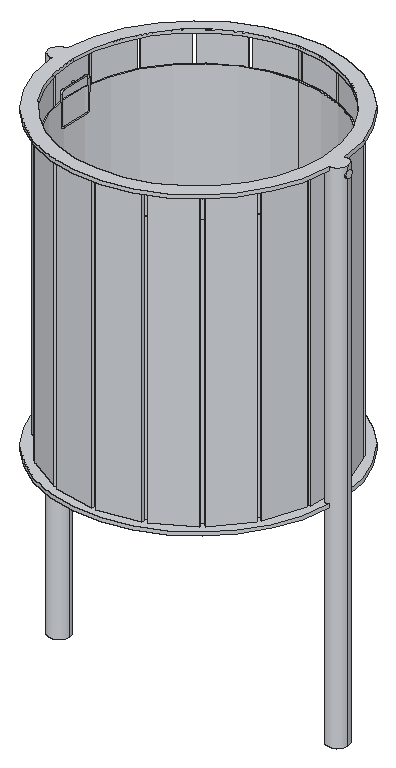
Revit family "Урна уличная круглая «Палермо натур»", category Антураж, Revit 2017
Family settings
  На основе рабочей плоскости = Нет
  Всегда вертикально = Да
  При загрузке вырезать с полостями = Нет
  Источник визуального образа = Геометрия семейства
  Общий = Нет
  Точка расчета площади = Нет
Parameters (values of type "Урна уличная круглая «Палермо натур»")
  Стоимость = 18360
  Изготовитель = "ООО \"Хоббика\""
  Высота = 0 mm
  URL = "https://hobbyka.ru/product/urna_ulichnaya_kruglaya_palermo_natur/"
  ADSK_Размер_Ширина = 440 mm
  ADSK_Размер_Глубина = 400 mm
  ADSK_Размер_Высота = 765 mm
  ADSK_Объем = 40.00 m³
  ADSK_Наименование = "Урна уличная круглая «Палермо натур»"
  ADSK_Материал урны = none
  ADSK_Материал ламелей = none
  ADSK_Материал ведра = none
  ADSK_Код изделия = "9678"
  ADSK_Вес = 20.00 kg  # constant formula
Reference planes
  plane 1 "По центру (Вперед/Назад)": y = 0
  plane 2: z = 0
  plane 3 "По центру (Влево/Вправо)": x = 0
  plane 4: z = 315
  plane 5: z = 320
  plane 6: z = 760
  plane 7: z = 765
  plane 8 "Слева": x = -219.825
  plane 9 "Справа": x = 219.825
Forms (mm)
  Extrusion 1, solid, material <- "ADSK_Материал урны"
    sketch origin (0, 0, 0) x (1, 0, 0) y (0, 1, 0)
      loop
        circle (0, 0) r 204.991
    from 315 to 320
  Extrusion 2, solid, material <- "ADSK_Материал урны"
    sketch origin (0, 0, 445) x (1, 0, 0) y (0, 1, 0)
      loop
        circle (0, 0) r 204.991
      loop
        circle (0, 0) r 184.991
    from 315 to 320
  Extrusion 3, solid, material <- "ADSK_Материал урны"
    sketch origin (0, 0, 0) x (1, 0, 0) y (0, 1, 0)
      loop
        circle (-204.815, 0) r 15
      loop
        circle (204.991, 0) r 15
    from 0 to 765
  Revolve 4, solid, material <- "ADSK_Материал ведра"
    sketch origin (0, 0, 0) x (0, 1, 0) y (0, 0, 1)
      loop
        line (185, 720) -> (183.63, 720) -> (183.63, 321.648) -> (0, 321.648) -> (0, 320) -> (185, 320) -> (185, 720)
      axis (0, 720) -> (0, 320)
    angle from 0 to 360
  Extrusion 5, solid, material <- "ADSK_Материал ламелей"
    sketch origin (0, 0, 0) x (1, 0, 0) y (0, 1, 0)
      loop
        line (2.72, -188.716) -> (3.45, -192.649) -> (62.443, -181.699) -> (61.713, -177.766) -> (2.72, -188.716)
    from 320 to 760
  Extrusion 6, solid, material <- "ADSK_Материал ламелей"
    sketch origin (0, 0, 0) x (0.939713, -0.341965, 0) y (0.341965, 0.939713, 0)
      loop
        line (2.72, -188.716) -> (3.45, -192.649) -> (62.443, -181.699) -> (61.713, -177.766) -> (2.72, -188.716)
    from 320 to 760
  Extrusion 7, solid, material <- "ADSK_Материал ламелей"
    sketch origin (0, 0, 0) x (0.76612, -0.642698, 0) y (0.642698, 0.76612, 0)
      loop
        line (2.72, -188.716) -> (3.45, -192.649) -> (62.443, -181.699) -> (61.713, -177.766) -> (2.72, -188.716)
    from 320 to 760
  Extrusion 8, solid, material <- "ADSK_Материал ламелей"
    sketch origin (0, 0, 0) x (0.500152, -0.865938, 0) y (0.865938, 0.500152, 0)
      loop
        line (2.72, -188.716) -> (3.45, -192.649) -> (62.443, -181.699) -> (61.713, -177.766) -> (2.72, -188.716)
    from 320 to 760
  Extrusion 9, solid, material <- "ADSK_Материал ламелей"
    sketch origin (0, 0, 0) x (0.173878, -0.984767, 0) y (0.984767, 0.173878, 0)
      loop
        line (2.72, -188.716) -> (3.45, -192.649) -> (62.443, -181.699) -> (61.713, -177.766) -> (2.72, -188.716)
    from 320 to 760
  Extrusion 10, solid, material <- "ADSK_Материал ламелей"
    sketch origin (0, 0, 0) x (-0.17336, -0.984858, 0) y (0.984858, -0.17336, 0)
      loop
        line (2.72, -188.716) -> (3.45, -192.649) -> (62.443, -181.699) -> (61.713, -177.766) -> (2.72, -188.716)
    from 320 to 760
  Extrusion 11, solid, material <- "ADSK_Материал ламелей"
    sketch origin (0, 0, 0) x (-0.499696, -0.866201, 0) y (0.866201, -0.499696, 0)
      loop
        line (2.72, -188.716) -> (3.45, -192.649) -> (62.443, -181.699) -> (61.713, -177.766) -> (2.72, -188.716)
    from 320 to 760
  Extrusion 12, solid, material <- "ADSK_Материал ламелей"
    sketch origin (0, 0, 0) x (-0.765781, -0.643101, 0) y (0.643101, -0.765781, 0)
      loop
        line (2.72, -188.716) -> (3.45, -192.649) -> (62.443, -181.699) -> (61.713, -177.766) -> (2.72, -188.716)
    from 320 to 760
  Extrusion 13, solid, material <- "ADSK_Материал ламелей"
    sketch origin (0, 0, 0) x (-0.939533, -0.34246, 0) y (0.34246, -0.939533, 0)
      loop
        line (2.72, -188.716) -> (3.45, -192.649) -> (62.443, -181.699) -> (61.713, -177.766) -> (2.72, -188.716)
    from 320 to 760
  Extrusion 14, solid, material <- "ADSK_Материал ламелей"
    sketch origin (0, 0, 0) x (-1, -0.000526, 0) y (0.000526, -1, 0)
      loop
        line (2.72, -188.716) -> (3.45, -192.649) -> (62.443, -181.699) -> (61.713, -177.766) -> (2.72, -188.716)
    from 320 to 760
  Extrusion 15, solid, material <- "ADSK_Материал ламелей"
    sketch origin (0, 0, 0) x (-0.939892, 0.341471, 0) y (-0.341471, -0.939892, 0)
      loop
        line (2.72, -188.716) -> (3.45, -192.649) -> (62.443, -181.699) -> (61.713, -177.766) -> (2.72, -188.716)
    from 320 to 760
  Extrusion 16, solid, material <- "ADSK_Материал ламелей"
    sketch origin (0, 0, 0) x (-0.766458, 0.642295, 0) y (-0.642295, -0.766458, 0)
      loop
        line (2.72, -188.716) -> (3.45, -192.649) -> (62.443, -181.699) -> (61.713, -177.766) -> (2.72, -188.716)
    from 320 to 760
  Extrusion 17, solid, material <- "ADSK_Материал ламелей"
    sketch origin (0, 0, 0) x (-0.500608, 0.865674, 0) y (-0.865674, -0.500608, 0)
      loop
        line (2.72, -188.716) -> (3.45, -192.649) -> (62.443, -181.699) -> (61.713, -177.766) -> (2.72, -188.716)
    from 320 to 760
  Extrusion 18, solid, material <- "ADSK_Материал ламелей"
    sketch origin (0, 0, 0) x (-0.174397, 0.984675, 0) y (-0.984675, -0.174397, 0)
      loop
        line (2.72, -188.716) -> (3.45, -192.649) -> (62.443, -181.699) -> (61.713, -177.766) -> (2.72, -188.716)
    from 320 to 760
  Extrusion 19, solid, material <- "ADSK_Материал ламелей"
    sketch origin (0, 0, 0) x (0.172842, 0.98495, 0) y (-0.98495, 0.172842, 0)
      loop
        line (2.72, -188.716) -> (3.45, -192.649) -> (62.443, -181.699) -> (61.713, -177.766) -> (2.72, -188.716)
    from 320 to 760
  Extrusion 20, solid, material <- "ADSK_Материал ламелей"
    sketch origin (0, 0, 0) x (0.49924, 0.866464, 0) y (-0.866464, 0.49924, 0)
      loop
        line (2.72, -188.716) -> (3.45, -192.649) -> (62.443, -181.699) -> (61.713, -177.766) -> (2.72, -188.716)
    from 320 to 760
  Extrusion 21, solid, material <- "ADSK_Материал ламелей"
    sketch origin (0, 0, 0) x (0.765443, 0.643504, 0) y (-0.643504, 0.765443, 0)
      loop
        line (2.72, -188.716) -> (3.45, -192.649) -> (62.443, -181.699) -> (61.713, -177.766) -> (2.72, -188.716)
    from 320 to 760
  Extrusion 22, solid, material <- "ADSK_Материал ламелей"
    sketch origin (0, 0, 0) x (0.939352, 0.342954, 0) y (-0.342954, 0.939352, 0)
      loop
        line (2.72, -188.716) -> (3.45, -192.649) -> (62.443, -181.699) -> (61.713, -177.766) -> (2.72, -188.716)
    from 320 to 760
  Sweep 23, solid, material <- "ADSK_Материал урны"
    path origin (181.521, 0, 0) x (0, 1, 0) y (0, 0, -1)
      loop
        line (-20.991, -734.981) -> (21.007, -734.539)
        arc (21.007, -734.539) -> (23.823, -733.338) -> (24.964, -730.497) r 4
        line (24.964, -730.497) -> (24.521, -688.501)
        arc (24.521, -688.501) -> (23.32, -685.685) -> (20.479, -684.543) r 4
        line (20.479, -684.543) -> (-21.518, -684.985)
        arc (-21.518, -684.985) -> (-24.334, -686.186) -> (-25.476, -689.027) r 4
        line (-25.476, -689.027) -> (-25.032, -731.023)
        arc (-25.032, -731.023) -> (-23.831, -733.839) -> (-20.991, -734.981) r 4
    profile origin (181.521, 0.008, 734.76) x (0, -0.010521, -0.999945) y (-1, 0, 0)
      loop
        circle (0, 0) r 0.8
  Sweep 24, solid, material <- "ADSK_Материал урны"
    path origin (-181.521, 0, 0) x (0, 1, 0) y (0, 0, 1)
      loop
        arc (-20.991, 734.981) -> (-23.831, 733.839) -> (-25.032, 731.023) r 4
        line (-25.032, 731.023) -> (-25.476, 689.027)
        arc (-25.476, 689.027) -> (-24.334, 686.186) -> (-21.518, 684.985) r 4
        line (-21.518, 684.985) -> (20.479, 684.543)
        arc (20.479, 684.543) -> (23.32, 685.685) -> (24.521, 688.501) r 4
        line (24.521, 688.501) -> (24.964, 730.497)
        arc (24.964, 730.497) -> (23.823, 733.338) -> (21.007, 734.539) r 4
        line (21.007, 734.539) -> (-20.991, 734.981)
    profile origin (-181.521, 0.008, 734.76) x (0, 0.010521, 0.999945) y (1, 0, 0)
      loop
        circle (0, 0) r 0.8
Cuts and joins
  joined: Extrusion 1, Extrusion 2, Extrusion 3
Lines and regions (mm)
  symbolic lines
    curve 1: line (-219.65, 0, 0) -> (219.825, 0, 0)
    curve 2: line (0, 0, 0) -> (-219.65, 0, 0)
    curve 3: line (-219.825, 185, 720) -> (-219.825, 185, 710)
    curve 4: line (-219.825, 185, 710) -> (-219.825, 185, 720)
    curve 5: line (-219.825, 185, 720) -> (-219.825, 212.811, 720)
    curve 6: line (-219.825, 183.63, 720) -> (-219.825, 183.63, 710.945)
Dimensions and locks
  plane 5 to plane 4 to level = 5 mm locked, 315 mm locked
  equal spacing: plane 8 "Слева", plane 3 "По центру (Влево/Вправо)", plane 9 "Справа"
  aligned and locked: level to plane 2
  aligned and locked: plane 5 to Extrusion 1
  aligned and locked: Extrusion 1 to plane 4
  aligned and locked: plane 6 to Extrusion 5
  aligned and locked: Extrusion 5 to plane 5
Automatic sketch dimensions
  Extrusion 5 sketch curve to Extrusion 5 sketch curve = 58.992 mm
  Extrusion 5 sketch curve to Extrusion 5 sketch curve = 3.933 mm
  Extrusion 5 sketch curve to Extrusion 5 sketch curve = 0.73 mm
  Extrusion 6 sketch curve to Extrusion 6 sketch curve = 58.992 mm
  Extrusion 6 sketch curve to Extrusion 6 sketch curve = 3.933 mm
  Extrusion 6 sketch curve to Extrusion 6 sketch curve = 0.73 mm
  Extrusion 7 sketch curve to Extrusion 7 sketch curve = 58.992 mm
  Extrusion 7 sketch curve to Extrusion 7 sketch curve = 3.933 mm
  Extrusion 7 sketch curve to Extrusion 7 sketch curve = 0.73 mm
  Extrusion 8 sketch curve to Extrusion 8 sketch curve = 58.992 mm
  Extrusion 8 sketch curve to Extrusion 8 sketch curve = 3.933 mm
  Extrusion 8 sketch curve to Extrusion 8 sketch curve = 0.73 mm
  Extrusion 9 sketch curve to Extrusion 9 sketch curve = 58.992 mm
  Extrusion 9 sketch curve to Extrusion 9 sketch curve = 3.933 mm
  Extrusion 9 sketch curve to Extrusion 9 sketch curve = 0.73 mm
  Extrusion 10 sketch curve to Extrusion 10 sketch curve = 58.992 mm
  Extrusion 10 sketch curve to Extrusion 10 sketch curve = 3.933 mm
  Extrusion 10 sketch curve to Extrusion 10 sketch curve = 0.73 mm
  Extrusion 11 sketch curve to Extrusion 11 sketch curve = 58.992 mm
  Extrusion 11 sketch curve to Extrusion 11 sketch curve = 3.933 mm
  Extrusion 11 sketch curve to Extrusion 11 sketch curve = 0.73 mm
  Extrusion 12 sketch curve to Extrusion 12 sketch curve = 58.992 mm
  Extrusion 12 sketch curve to Extrusion 12 sketch curve = 3.933 mm
  Extrusion 12 sketch curve to Extrusion 12 sketch curve = 0.73 mm
  Extrusion 13 sketch curve to Extrusion 13 sketch curve = 58.992 mm
  Extrusion 13 sketch curve to Extrusion 13 sketch curve = 3.933 mm
  Extrusion 13 sketch curve to Extrusion 13 sketch curve = 0.73 mm
  Extrusion 14 sketch curve to Extrusion 14 sketch curve = 58.992 mm
  Extrusion 14 sketch curve to Extrusion 14 sketch curve = 3.933 mm
  Extrusion 14 sketch curve to Extrusion 14 sketch curve = 0.73 mm
  Extrusion 15 sketch curve to Extrusion 15 sketch curve = 58.992 mm
  Extrusion 15 sketch curve to Extrusion 15 sketch curve = 3.933 mm
  Extrusion 15 sketch curve to Extrusion 15 sketch curve = 0.73 mm
  Extrusion 16 sketch curve to Extrusion 16 sketch curve = 58.992 mm
  Extrusion 16 sketch curve to Extrusion 16 sketch curve = 3.933 mm
  Extrusion 16 sketch curve to Extrusion 16 sketch curve = 0.73 mm
  Extrusion 17 sketch curve to Extrusion 17 sketch curve = 58.992 mm
  Extrusion 17 sketch curve to Extrusion 17 sketch curve = 3.933 mm
  Extrusion 17 sketch curve to Extrusion 17 sketch curve = 0.73 mm
  Extrusion 18 sketch curve to Extrusion 18 sketch curve = 58.992 mm
  Extrusion 18 sketch curve to Extrusion 18 sketch curve = 3.933 mm
  Extrusion 18 sketch curve to Extrusion 18 sketch curve = 0.73 mm
  Extrusion 19 sketch curve to Extrusion 19 sketch curve = 58.992 mm
  Extrusion 19 sketch curve to Extrusion 19 sketch curve = 3.933 mm
  Extrusion 19 sketch curve to Extrusion 19 sketch curve = 0.73 mm
  Extrusion 20 sketch curve to Extrusion 20 sketch curve = 58.992 mm
  Extrusion 20 sketch curve to Extrusion 20 sketch curve = 3.933 mm
  Extrusion 20 sketch curve to Extrusion 20 sketch curve = 0.73 mm
  Extrusion 21 sketch curve to Extrusion 21 sketch curve = 58.992 mm
  Extrusion 21 sketch curve to Extrusion 21 sketch curve = 3.933 mm
  Extrusion 21 sketch curve to Extrusion 21 sketch curve = 0.73 mm
  Extrusion 22 sketch curve to Extrusion 22 sketch curve = 58.992 mm
  Extrusion 22 sketch curve to Extrusion 22 sketch curve = 3.933 mm
  Extrusion 22 sketch curve to Extrusion 22 sketch curve = 0.73 mm
  plane 1 "По центру (Вперед/Назад)" to curve 2 = 0 mm
  curve 2 to plane 3 "По центру (Влево/Вправо)" = 0 mm
  curve 1 to plane 9 "Справа" = 0 mm
  plane 8 "Слева" to curve 1 = 0.175 mm
  plane 1 "По центру (Вперед/Назад)" to Extrusion 1 sketch curve = 0 mm
  Extrusion 1 sketch curve to plane 3 "По центру (Влево/Вправо)" = 0 mm
  Extrusion 2 sketch curve to Extrusion 2 sketch curve = 0 mm  (x2)
  plane 1 "По центру (Вперед/Назад)" to Extrusion 2 sketch curve = 0 mm
  Extrusion 2 sketch curve to plane 3 "По центру (Влево/Вправо)" = 0 mm
  plane 1 "По центру (Вперед/Назад)" to Extrusion 3 sketch curve = 0 mm  (x2)
  plane 8 "Слева" to Extrusion 3 sketch curve = 15.009 mm
  Extrusion 3 sketch curve to plane 9 "Справа" = 14.834 mm
  curve 4 to plane 6 = 40 mm
  curve 4 to plane 1 "По центру (Вперед/Назад)" = 185 mm
  curve 4 to curve 3 = 10 mm
  curve 6 to curve 3 = 1.37 mm
  curve 3 to curve 5 = 27.811 mm
  curve 3 to curve 6 = 0.945 mm
  curve 6 to curve 3 = 0 mm
  Revolve 4 sketch curve to plane 1 "По центру (Вперед/Назад)" = 0 mm  (x2)
  Revolve 4 sketch curve to plane 5 = 0 mm
  plane 5 to Revolve 4 sketch curve = 1.648 mm
  Revolve 4 sketch curve to Revolve 4 sketch curve = 183.63 mm
  Revolve 4 sketch curve to Revolve 4 sketch curve = 1.37 mm
  Revolve 4 sketch curve to plane 6 = 40 mm
  Revolve 4 sketch curve to level = 520.992 mm
  plane 7 to Revolve 4 sketch curve = 1976.474 mm
  plane 1 "По центру (Вперед/Назад)" to Sweep 23 sketch curve = 25.476 mm
  plane 1 "По центру (Вперед/Назад)" to Sweep 23 sketch curve = 25.032 mm
  Sweep 23 sketch curve to Sweep 23 sketch curve = 3.958 mm  (x2)
  Sweep 23 sketch curve to Sweep 23 sketch curve = 0.042 mm  (x6)
  Sweep 23 sketch curve to Sweep 23 sketch curve = 4 mm  (x4)
  Sweep 23 sketch curve to plane 1 "По центру (Вперед/Назад)" = 20.479 mm
  Sweep 23 sketch curve to plane 1 "По центру (Вперед/Назад)" = 20.965 mm
  Sweep 23 sketch curve to plane 6 = 25.019 mm
  Sweep 23 sketch curve to plane 6 = 25.461 mm
  Sweep 23 sketch curve to Sweep 23 sketch curve = 41.996 mm  (x2)
  profile plane to Sweep 23 sketch curve = 0 mm
  Sweep 23 sketch curve to profile plane = 0 mm
  plane 1 "По центру (Вперед/Назад)" to Sweep 24 sketch curve = 25.476 mm
  plane 1 "По центру (Вперед/Назад)" to Sweep 24 sketch curve = 25.032 mm
  Sweep 24 sketch curve to Sweep 24 sketch curve = 3.958 mm  (x2)
  Sweep 24 sketch curve to Sweep 24 sketch curve = 0.042 mm  (x6)
  Sweep 24 sketch curve to Sweep 24 sketch curve = 4 mm  (x4)
  Sweep 24 sketch curve to plane 1 "По центру (Вперед/Назад)" = 20.479 mm
  Sweep 24 sketch curve to plane 1 "По центру (Вперед/Назад)" = 20.965 mm
  Sweep 24 sketch curve to plane 6 = 75.457 mm
  Sweep 24 sketch curve to Sweep 24 sketch curve = 0.442 mm
  Sweep 24 sketch curve to plane 6 = 29.503 mm
  Sweep 24 sketch curve to plane 6 = 29.019 mm
  Sweep 24 sketch curve to profile plane = 0 mm  (x2)
  plane 3 "По центру (Влево/Вправо)" to Extrusion 5 sketch curve = 2.72 mm
  plane 1 "По центру (Вперед/Назад)" to Extrusion 5 sketch curve = 192.649 mm
  Extrusion 6 sketch curve to plane 3 "По центру (Влево/Вправо)" = 61.978 mm
  plane 1 "По центру (Вперед/Назад)" to Extrusion 6 sketch curve = 178.269 mm
  plane 8 "Слева" to Extrusion 7 sketch curve = 100.622 mm
  plane 1 "По центру (Вперед/Назад)" to Extrusion 7 sketch curve = 146.327 mm
  plane 8 "Слева" to Extrusion 8 sketch curve = 57.769 mm
  plane 1 "По центру (Вперед/Назад)" to Extrusion 8 sketch curve = 96.742 mm
  plane 8 "Слева" to Extrusion 9 sketch curve = 34.457 mm
  plane 1 "По центру (Вперед/Назад)" to Extrusion 9 sketch curve = 35.493 mm
  Extrusion 10 sketch curve to plane 1 "По центру (Вперед/Назад)" = 30.037 mm
  plane 8 "Слева" to Extrusion 10 sketch curve = 33.495 mm
  plane 8 "Слева" to Extrusion 11 sketch curve = 55 mm
  Extrusion 11 sketch curve to plane 1 "По центру (Вперед/Назад)" = 91.944 mm
  plane 8 "Слева" to Extrusion 12 sketch curve = 96.378 mm
  Extrusion 12 sketch curve to plane 1 "По центру (Вперед/Назад)" = 142.766 mm
  Extrusion 13 sketch curve to plane 3 "По центру (Влево/Вправо)" = 67.183 mm
  Extrusion 13 sketch curve to plane 1 "По центру (Вперед/Назад)" = 176.373 mm
  Extrusion 14 sketch curve to plane 3 "По центру (Влево/Вправо)" = 2.82 mm
  Extrusion 14 sketch curve to plane 1 "По центру (Вперед/Назад)" = 188.715 mm
  plane 3 "По центру (Влево/Вправо)" to Extrusion 15 sketch curve = 61.884 mm
  Extrusion 15 sketch curve to plane 1 "По центру (Вперед/Назад)" = 178.302 mm
  Extrusion 16 sketch curve to plane 9 "Справа" = 100.699 mm
  Extrusion 16 sketch curve to plane 1 "По центру (Вперед/Назад)" = 146.39 mm
  Extrusion 17 sketch curve to plane 9 "Справа" = 57.82 mm
  Extrusion 17 sketch curve to plane 1 "По центру (Вперед/Назад)" = 96.828 mm
  Extrusion 18 sketch curve to plane 9 "Справа" = 34.475 mm
  Extrusion 18 sketch curve to plane 1 "По центру (Вперед/Назад)" = 35.59 mm
  plane 1 "По центру (Вперед/Назад)" to Extrusion 19 sketch curve = 29.939 mm
  Extrusion 19 sketch curve to plane 9 "Справа" = 33.479 mm
  Extrusion 20 sketch curve to plane 9 "Справа" = 54.951 mm
  plane 1 "По центру (Вперед/Назад)" to Extrusion 20 sketch curve = 91.858 mm
  Extrusion 21 sketch curve to plane 9 "Справа" = 96.303 mm
  plane 1 "По центру (Вперед/Назад)" to Extrusion 21 sketch curve = 142.701 mm
  plane 3 "По центру (Влево/Вправо)" to Extrusion 22 sketch curve = 67.276 mm
  plane 1 "По центру (Вперед/Назад)" to Extrusion 22 sketch curve = 176.338 mm
  radius of Extrusion 1 sketch curve = 204.991 mm
  radius of Extrusion 2 sketch curve = 204.991 mm
  radius of Extrusion 2 sketch curve = 184.991 mm
  radius of Extrusion 3 sketch curve = 15 mm  (x2)
  radius of Sweep 23 sketch curve = 0.8 mm
  radius of Sweep 24 sketch curve = 0.8 mm
Nested families
  nested 1: "Семейство6" at (-219.815, 0, 733.224) x (-1, 0, 0) z (0, 0, 1), Материал <- "ADSK_Материал урны", type "Семейство6"
    with Материал none
  nested 2: "Семейство6" at (219.815, 0, 755), Материал <- "ADSK_Материал урны", type "Семейство6"
    with Материал none
Definition of nested family "Семейство6"
  Parameters (values of type "Семейство6")
    Материал [instance] = none
  Reference planes
    plane 1 "По центру (Вперед/Назад)": y = 0
    plane 2: z = 0
    plane 3 "По центру (Влево/Вправо)": x = 0
  Forms (mm)
    Extrusion 1, solid, material <- "Материал"
      sketch origin (0, 0, 0) x (0, 0, -1) y (0, 1, 0)
        loop
          circle (0, 0) r 5
      from 0 to 2
    Extrusion 2, solid, material <- "Материал"
      sketch origin (0, 0, 0) x (0, 0, -1) y (0, 1, 0)
        loop
          circle (0, 0) r 2
      from -35 to 0
  Dimensions and locks
    aligned and locked: level to plane 2
